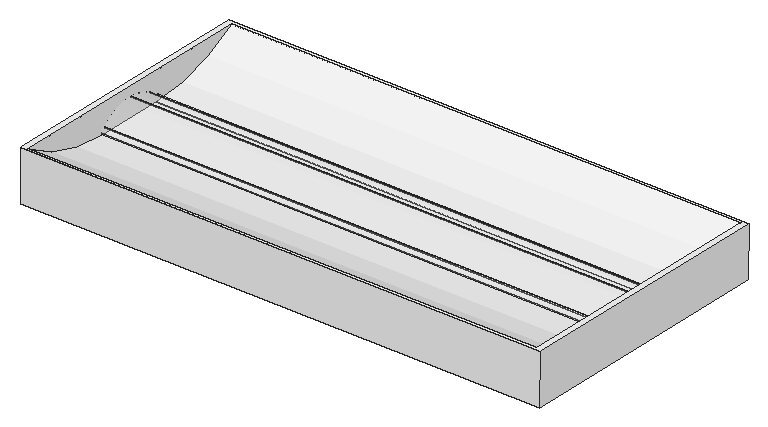
Revit family "LSTE-SM", category Lighting Fixtures, host Face, Revit 2021
Family settings
  Host = Face
  Round Connector Dimension = Use Diameter
  Part Type = Normal
  OmniClass Number = 23.80.70.11
  OmniClass Title = Luminaries for Internal Lighting
  Cut with Voids When Loaded = No
  Light Source = Yes
  Shared = No
  Room Calculation Point = No
Parameters (values of type "LSTE24-50XLG-MPO-EDU")
  zz Length = Row Length - 1.000"  # 47.000"
  Width = 24.000"
  Product Page URL = ""
  Product Documentation Link = ""
  Nominal Watts = 88 W
  Wattage = 88 W
  Warranty = "Five year warranty"  # constant formula
  built-in parameter 1150110 = 1 (stored number, unit not read)
  Voltage = 120 V
  built-in parameter 1114217 = 1 (stored number, unit not read)
  Tilt Angle = 90.00°  # constant formula
  built-in parameter 1150109 = 1 (stored number, unit not read)
  built-in parameter 1150134 = 2
  Wattage Comments = "24-88 W"  # constant formula
  URL = "https://www.currentlighting.com/columbia"
  built-in parameter 1150113 = 1 (stored number, unit not read)
  Photometric Web File = "LSTE24-50XLG-MPO-EDU.ies"
  Model = "LSTE24-SM"
  Manufacturer = "Columbia Lighting"  # constant formula
  Row Length = 48.000"
  built-in parameter 1150105 = 3508.6 (stored number, unit not read)
  Lumens = 13071.7 lm
  built-in parameter 1150115 = 1 (stored number, unit not read)
  Lumen Output = "Extra High Lumen"
  Load Classification = Lighting
  built-in parameter 1150137 = (empty or 0)
  built-in parameter 1150139 = (empty or 0)
  built-in parameter 1150112 = 1 (stored number, unit not read)
  built-in parameter 1150114 = 1 (stored number, unit not read)
  Lamp = "LED Lamp"  # constant formula
  Light Bulb = White Glass
  built-in parameter 1150132 = (empty or 0)
  built-in parameter 1150102 = (empty or 0)
  built-in parameter 1150107 = 5000 (stored number, unit not read)
  built-in parameter 1150138 = (empty or 0)
  built-in parameter 1150106 = 35.086 (stored number, unit not read)
  Emit from Rectangle Width = 23.000"
  Emit from Rectangle Length = 47.000"
  Emit Shape Visible in Rendering = no
  built-in parameter 1150104 = 13.8 (stored number, unit not read)
  Dimming Lamp Color Temperature Shift = <None>
  Description = "Stratus® LED Architectural Recessed"  # constant formula
  Default Elevation = 48.000"
  Color Filter = 16777215
  Certifications = "NYC Compliant"  # constant formula
  built-in parameter 1114218 = 1 (stored number, unit not read)
  Backbox = White
  built-in parameter 1150133 = 10 (stored number, unit not read)
  Apparent Load = 0 VA
Types (9): name | zz Length | Nominal Watts | Wattage | built-in parameter 1150134 | Photometric Web File | Model | Row Length | built-in parameter 1150105 | Lumens | Lumen Output | built-in parameter 1150107 | built-in parameter 1150106 | Emit from Rectangle Length
  (no name) | 47.000" | 88 W | 88 W | 2 | "LSTE24-50XLG-MPO-EDU.ies" | "LSTE24-SM" | 48.000" | 3508.6 (stored number, unit not read) | 13071.7 lm | "Extra High Lumen" | 5000 (stored number, unit not read) | 35.086 (stored number, unit not read) | 47.000"
  LSTE24-35XWG-MPO-EDU | 47.000" | 24 W | 24 W | (empty or 0) | "LSTE24-35XWG-MPO-EDU.ies" | "LSTE24-SM" | 48.000" | 283.69 (stored number, unit not read) | 3565.01 lm | "Extra Low Watt" | 3500 (stored number, unit not read) | 2.8369 (stored number, unit not read) | 47.000"
  LSTE24-50XLG-MPO-EDU | 47.000" | 88 W | 88 W | 2 | "LSTE24-50XLG-MPO-EDU.ies" | "LSTE24-SM" | 48.000" | 3508.6 (stored number, unit not read) | 13071.7 lm | "Extra High Lumen" | 5000 (stored number, unit not read) | 35.086 (stored number, unit not read) | 47.000"
  LSTE24-40LWG-MPO-EDU | 47.000" | 43 W | 43 W | 12 | "LSTE24-40LWG-MPO-EDU.ies" | "LSTE24-SM" | 48.000" | 508.29 (stored number, unit not read) | 6387.3 lm | "Low Watt" | 4000 (stored number, unit not read) | 5.0829 (stored number, unit not read) | 47.000"
  LSTE24-30MWG-MPO-EDU | 47.000" | 37 W | 37 W | (empty or 0) | "LSTE24-30MWG-MPO-EDU.ies" | "LSTE24-SM" | 48.000" | 437.36 (stored number, unit not read) | 5496.05 lm | "Medium Low Watt" | 3000 (stored number, unit not read) | 4.3736 (stored number, unit not read) | 47.000"
  LSTE22-50VLG-MPO-EDU | 23.000" | 52 W | 52 W | 2 | "LSTE22-50VLG-MPO-EDU.ies" | "LSTE22-SM" | 24.000" | 614.67 (stored number, unit not read) | 7724.18 lm | "Very High Lumen" | 5000 (stored number, unit not read) | 6.1467 (stored number, unit not read) | 23.000"
  LSTE22-40MLG-MPO-EDU | 23.000" | 40 W | 40 W | 12 | "LSTE22-40MLG-MPO-EDU.ies" | "LSTE22-SM" | 24.000" | 472.82 (stored number, unit not read) | 5941.68 lm | "Medium Lumen" | 4000 (stored number, unit not read) | 4.7282 (stored number, unit not read) | 23.000"
  LSTE22-35HLG-MPO-EDU | 23.000" | 42 W | 42 W | (empty or 0) | "LSTE22-35HLG-MPO-EDU.ies" | "LSTE22-SM" | 24.000" | 496.46 (stored number, unit not read) | 6238.76 lm | "High Lumen" | 3500 (stored number, unit not read) | 4.9646 (stored number, unit not read) | 23.000"
  LSTE22-30LWG-MPO-EDU | 23.000" | 29 W | 29 W | (empty or 0) | "LSTE22-30LWG-MPO-EDU.ies" | "LSTE22-SM" | 24.000" | 342.8 (stored number, unit not read) | 4307.72 lm | "Low Watt" | 3000 (stored number, unit not read) | 3.428 (stored number, unit not read) | 23.000"
Reference planes (in)
  plane 1 "Center (Front/Back)": y = 0.03999
  plane 2: z = 0
  plane 3 "Center (Left/Right)": x = 1.66944
  plane 4: x = -22.33056
  plane 5: x = 25.66944
  plane 6: z = 4
Dimensions and locks (in)
  equal spacing: plane 5, plane 3 "Center (Left/Right)", plane 4
  locked: plane 6 to level at 4
  "Row Length": plane 5 to plane 4
  aligned and locked: plane 2 to host face
  aligned and locked: level to host face
  aligned and locked: plane 3 "Center (Left/Right)" to nested 1
  aligned and locked: plane 1 "Center (Front/Back)" to nested 1
  aligned and locked: imposter light to plane 3 "Center (Left/Right)"
  aligned and locked: plane 1 "Center (Front/Back)" to imposter light
  aligned and locked: plane 6 to imposter light
Automatic sketch dimensions
  host sketch curve to host sketch curve = 96.000"  (x2)
Nested families (in)
  nested 1: "LSTE Fixture" at (1.66944, 0.03999, 0), Glass <- "Light Bulb", Finish <- "Backbox", Row Length <- "Row Length", Width <- "Width", type "LSTE Fixture"
    with Width 24.000", Row Length 48.000", Height 4.625", Glass White Glass, Finish White
Connectors (in)
  electrical at (1.66944, 0.03999, 0), driven by "Apparent Load", driven by "Voltage"
    settings: on nested 1, index 1, voltage 120 V, apparent load 0 VA, apparent load phase1 0 VA, apparent load phase2 0 VA, apparent load phase3 0 VA, power factor 0.9, load classification "Other", number of poles 1, system type 30, power factor state 1, is connector primary yes, connector utility no, sub classification motor no, connector description "Lighting COnnector"
Definition of nested family "LSTE Fixture"
  Parameters
    Width [instance] = 24.000"
    Row Length [instance] = 24.000"
    Height [instance] = 4.000"
    Glass [instance] = none
    Finish [instance] = none
    Default Elevation = 48.000"
  Reference planes (in)
    plane 1 "Center (Front/Back)": y = 0
    plane 2: z = 0
    plane 3 "Center (Left/Right)": x = 0
    plane 4: x = 12
    plane 5: x = -12
    plane 6: y = -12
    plane 7: y = 12
    plane 8: z = 4
    plane 9: x = -11.5
    plane 10: x = 11.5
    plane 11: y = -3
    plane 12: y = 3
    plane 13: z = 2
    plane 14: y = -11.75
    plane 15: y = 11.75
    plane 16: z = 0.25
  Forms (in)
    Extrusion 1, solid
      sketch origin (0, 0, 0) x (1, 0, 0) y (0, 1, 0)
        loop
          line (-48, 48) -> (-48, -48) -> (48, -48) -> (48, 48) -> (-48, 48)
      from 0 to -12
    Extrusion 2, solid, material <- "Glass"
      sketch origin (0, 0, 0) x (0, 1, 0) y (0, 0, 1)
        loop
          arc (-3.0054, 2) -> (-3.2554, 2.25) -> (-3.0054, 2.5) r 0.25
          arc (-3.0054, 2.5) -> (-1.62233, 3.40315) -> (0, 3.71395) r 4.27102
          arc (0, 3.71395) -> (1.62233, 3.40315) -> (3.0054, 2.5) r 4.27102
          arc (3.0054, 2.5) -> (3.2554, 2.25) -> (3.0054, 2) r 0.25
          line (3.0054, 2) -> (3.0054, 1.89823)
          arc (3.0054, 1.89823) -> (3.35619, 2.24902) -> (3.0054, 2.59982) r 0.35079
          arc (3.0054, 2.59982) -> (1.6184, 3.48995) -> (0, 3.80122) r 4.35698
          arc (0, 3.80122) -> (-1.6184, 3.48995) -> (-3.0054, 2.59982) r 4.35698
          arc (-3.0054, 2.59982) -> (-3.35619, 2.24902) -> (-3.0054, 1.89823) r 0.35079
          line (-3.0054, 1.89823) -> (-3.0054, 2)
      from -11.5 to 11.5
    Extrusion 3, solid, material <- "Finish"
      sketch origin (0, 0, 0) x (0, 1, 0) y (0, 0, 1)
        loop
          line (-12, 4) -> (-12, 0) -> (12, 0) -> (12, 4) -> (-12, 4)
      from 11.5 to 12
    Extrusion 4, solid, material <- "Finish"
      sketch origin (0, 0, 0) x (0, 1, 0) y (0, 0, 1)
        loop
          line (12, 4) -> (-12, 4) -> (-12, 0) -> (12, 0) -> (12, 4)
      from -12 to -11.5
    Extrusion 5, solid, material <- "Finish"
      sketch origin (0, 0, 0) x (0, 1, 0) y (0, 0, 1)
        loop
          line (-12, 0) -> (12, 0) -> (12, 4) -> (11.75, 4) -> (11.75, 0.25) -> (-11.75, 0.25) -> (-11.75, 4) -> (-12, 4) -> (-12, 0)
      from -11.5 to 11.5
    Extrusion 6, solid, material <- "Finish"
      sketch origin (0, 0, 0) x (0, 1, 0) y (0, 0, 1)
        loop
          arc (-3, 2) -> (-7.48783, 2.50637) -> (-11.75, 4) r 20.14062
          line (-11.75, 4) -> (-11.75, 0.25) -> (11.75, 0.25) -> (11.75, 4)
          arc (11.75, 4) -> (7.48783, 2.50637) -> (3, 2) r 20.14062
          line (3, 2) -> (-3, 2)
      from -12 to 12
  Cuts and joins
    joined: Extrusion 3, Extrusion 4, Extrusion 5, Extrusion 6
  Dimensions and locks (in)
    equal spacing: plane 4, plane 3 "Center (Left/Right)", plane 5
    "Row Length": plane 4 to plane 5
    equal spacing: plane 6, plane 1 "Center (Front/Back)", plane 7
    "Width": plane 6 to plane 7
    "Height": plane 8 to plane 2
    equal spacing: plane 10, plane 3 "Center (Left/Right)", plane 9
    locked: plane 9 to plane 5 at 0.5
    equal spacing: plane 11, plane 1 "Center (Front/Back)", plane 12
    locked: plane 11 to plane 1 "Center (Front/Back)" at 3
    locked: plane 6 to plane 14 at 0.25
    equal spacing: plane 14, plane 1 "Center (Front/Back)", plane 15
    locked: plane 16 to level at 0.25
    level to Extrusion 5 = 4.000"
    aligned and locked: plane 2 to Extrusion 1
    aligned and locked: level to Extrusion 1
    aligned and locked: Extrusion 2 to plane 10
    aligned and locked: Extrusion 2 to plane 9
    aligned and locked: plane 8 to Extrusion 3 sketch curve
    aligned and locked: plane 6 to Extrusion 3 sketch curve
    aligned and locked: level to Extrusion 3 sketch curve
    aligned and locked: Extrusion 3 sketch curve to plane 7
    aligned and locked: plane 4 to Extrusion 3
    aligned and locked: plane 10 to Extrusion 3
    aligned and locked: Extrusion 4 sketch curve to Extrusion 3  (x4)
    aligned and locked: Extrusion 4 to plane 5
    aligned and locked: plane 9 to Extrusion 4
    aligned and locked: Extrusion 5 sketch curve to Extrusion 3  (x4)
    aligned and locked: plane 8 to Extrusion 5 sketch curve
    aligned and locked: Extrusion 5 sketch curve to plane 14
    aligned and locked: plane 16 to Extrusion 5 sketch curve
    aligned and locked: Extrusion 5 sketch curve to plane 15
    aligned and locked: Extrusion 5 to plane 10
    aligned and locked: Extrusion 5 to plane 9
    aligned and locked: plane 13 to Extrusion 6 sketch curve
    aligned and locked: plane 12 to Extrusion 6 sketch curve
    aligned and locked: plane 11 to Extrusion 6 sketch curve
    aligned and locked: Extrusion 6 sketch curve to plane 14
    aligned and locked: plane 16 to Extrusion 6 sketch curve
    aligned and locked: Extrusion 6 sketch curve to plane 15
    aligned and locked: plane 4 to Extrusion 6
    aligned and locked: Extrusion 6 to plane 5
  Automatic sketch dimensions
    Extrusion 1 sketch curve to Extrusion 1 sketch curve = 96.000"  (x2)
    plane 13 to Extrusion 2 sketch curve = 0.000"  (x2)
    Extrusion 2 sketch curve to plane 1 "Center (Front/Back)" = 0.000"  (x2)
    plane 1 "Center (Front/Back)" to Extrusion 2 sketch curve = 0.00113"
    Extrusion 2 sketch curve to Extrusion 2 sketch curve = 0.0216"  (x2)
    Extrusion 2 sketch curve to plane 11 = 0.0054"
    Extrusion 2 sketch curve to plane 1 "Center (Front/Back)" = 0.00113"
    Extrusion 2 sketch curve to plane 12 = 0.0054"
    plane 13 to Extrusion 2 sketch curve = 0.10177"  (x2)
    Extrusion 2 sketch curve to level = 0.55575"
    Extrusion 2 sketch curve to Extrusion 2 sketch curve = 0.000"
    Extrusion 2 sketch curve to Extrusion 2 sketch curve = 0.00126"  (x2)
    Extrusion 2 sketch curve to Extrusion 2 sketch curve = 0.24902"
    Extrusion 2 sketch curve to Extrusion 2 sketch curve = 0.00098"
    plane 8 to Extrusion 6 sketch curve = 0.000"  (x2)
